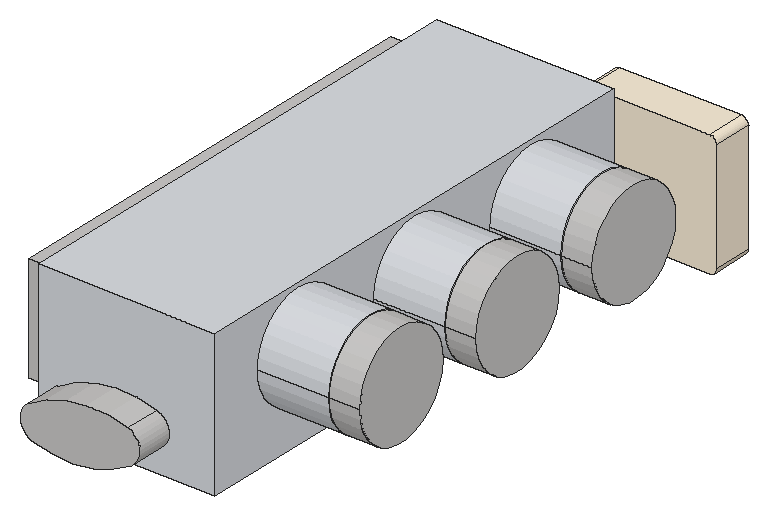
Revit family "HVAC_Ductwork_Airzone_Motorized-Plenum_Fujitsu_Low-Profile_3-Dampers", category Mechanical Equipment, Revit 2016
Family settings
  Part Type = Normal
  Round Connector Dimension = Use Diameter
  OmniClass Number = 23.75.70.14
  OmniClass Title = Air Ductwork
  Work Plane-Based = No
  Always vertical = Yes
  Cut with Voids When Loaded = No
  Shared = No
  Room Calculation Point = No
Parameters (values of type "FUJSL01S3")
  Voltage = 230 V
  URL = "www.airzone.es"
  Type Image Comments = "Image available in product documentation download"  # constant formula
  Revit Model Version = "1.0"  # constant formula
  Revit Model Author URL = "www.a3d.es"
  Revit Model Author = "A3D Consulting"  # constant formula
  Product Documentation Download URL = "http://doc.airzone.es/BIM/Easyzone/Fujitsu-Airzone_motorized_plenum.zip"
  Product Comments = "Refer to technical documentation for further details"  # constant formula
  Power Factor = 1
  Neck Width = 653.600 mm
  Neck Length = 40.000 mm
  Neck Height = 154.600 mm
  Material = Metal - AIRZONE - Galvanized Sheet - Semi-polished
  Main Control Board Material = Plastic - AIRZONE - Smooth - Off-white
  Load Classification = Other
  Insulated Body Width = 255.000 mm  # constant formula
  Insulated Body Material = Metal -AIRZONE - Insulating Lining -Aluminum Finish
  Insulated Body Length = 720.000 mm  # constant formula
  Insulated Body Height = 210.000 mm  # constant formula
  Flow [instance] = Damper 3 Air Flow + Damper 2 Air Flow + Damper 1 Air Flow - Fresh Air Inlet 2 Flow - Fresh Air Inlet 1 Flow  # 900 m³/h
  Fresh Air Inlet 1 Flow [instance] = 0 m³/h
  Fresh Air Inlet 2 Flow [instance] = 0 m³/h
  Fresh Air Inlet Connection Width = 175.000 mm
  Fresh Air Inlet Connection Height = 75.000 mm
  Model = "FUJSL01S3"
  Neck Side Offset = 33.200 mm
  Neck Bottom Offset = 33.700 mm
  Type Image = <None>
  Manufacturer = "AIRZONE"  # constant formula
  Main Control Board Depth = 57.000 mm  # constant formula
  Main Control Board Width = 195.000 mm  # constant formula
  Main Control Board Height = 180.000 mm  # constant formula
  Fixing = ""
  Disclaimer = "All information provided in this model is reviewed before being published. However, Airzone cannot guarantee this model is error-free, therefore users are strongly encouraged to check for technical documentation and updates"  # constant formula
  Description = "Airzone low profile motorized plenum with neck that mechanically adapts to the main ducted AC units of Fujitsu."
  Type Comments = ""
  Dampers Length = 149.000 mm  # constant formula
  Dampers Diameter = 150.000 mm  # constant formula
  Damper 1 Air Flow [instance] = 300 m³/h
  Damper 2 Air Flow [instance] = 300 m³/h
  Damper 3 Air Flow [instance] = 300 m³/h
  Fresh Air Inlet Connection Offset Height = 48.305 mm  # constant formula
  Compatible Accesories = ""
  Apparent Load = 57.5 VA
Reference planes
  plane 1 "Center (Front/Back)": y = 0
  plane 2 "Center (Elevation)": z = 0
  plane 3 "Center (Left/Right)": x = 0
  plane 4 "Neck Back": y = 326.8
  plane 5 "Neck Front": y = -326.8
  plane 6 "Neck Top": z = 77.3
  plane 7 "Neck Bottom": z = -77.3
  plane 8 "Left": x = 40
  plane 9 "Bottom": z = -111
  plane 10 "Top": z = 99
  plane 11 "Front": y = -360
  plane 12 "Back": y = 360
  plane 13 "Right": x = 295
  plane 14 "Dampers Front": x = 444
  plane 15 "Dampers Center (Elevation)": z = 19
  plane 16 "Damper3": y = -210
  plane 17 "Damper2": y = 0
  plane 18 "Damper1": y = 210
  plane 19 "Middle": y = 0
  plane 20 "FreshAir Center (Elevation)": z = -62.695
  plane 21 "FreshAir1": y = 412.5
  plane 22 "FreshAir2": y = -412.5
  plane 23 "Dampers Lining": x = 399
  plane 24 "FreshAir Vertical Axis": x = 142.04
  plane 25 "ConnectionBox Side": x = 249
  plane 26 "Main Control Board Center (Left/Right)": x = 346.5
Forms (mm)
  Extrusion 1, solid, material "Metal - AIRZONE - Galvanized Sheet - Semi-polished" <- "Material"
    sketch origin (0, 0, 0) x (0, 1, 0) y (0, 0, 1)
      loop
        line (-326.8, 77.3) -> (-326.8, -77.3) -> (326.8, -77.3) -> (326.8, 77.3) -> (-326.8, 77.3)
    from 0 to 40
  Extrusion 2, solid, material "Metal -AIRZONE - Insulating Lining -Aluminum Finish" <- "Insulated Body Material"
    sketch origin (40, 0, 0) x (0, 1, 0) y (0, 0, 1)
      loop
        line (-360, 99) -> (-360, -111) -> (360, -111) -> (360, 99) -> (-360, 99)
    from 0 to 255
  Extrusion 3, solid, material "Metal - AIRZONE - Galvanized Sheet - Semi-polished" <- "Material"
    sketch origin (295, 0, 0) x (0, 1, 0) y (0, 0, 1)
      loop
        circle (-210, 19) r 75
    from 104 to 149
  Extrusion 4, solid, material "Metal - AIRZONE - Galvanized Sheet - Semi-polished" <- "Material"
    sketch origin (295, 0, 0) x (0, 1, 0) y (0, 0, 1)
      loop
        circle (0, 19) r 75
    from 104 to 149
  Extrusion 5, solid, material "Metal - AIRZONE - Galvanized Sheet - Semi-polished" <- "Material"
    sketch origin (295, 0, 0) x (0, 1, 0) y (0, 0, 1)
      loop
        circle (210, 19) r 75
    from 104 to 149
  Extrusion 6, solid, material "Metal - AIRZONE - Galvanized Sheet - Semi-polished" <- "Material"
    sketch origin (0, -360, 0) x (0, 0, 1) y (1, 0, 0)
      loop
        arc (-30.141, 211.414) -> (-51.608, 228.315) -> (-76.312, 216.644) r 25.96
        arc (-76.312, 216.644) -> (-102.302, 146.808) -> (-94.849, 72.666) r 164.67
        arc (-94.849, 72.666) -> (-73.665, 55.799) -> (-48.994, 66.961) r 25.96
        arc (-48.994, 66.961) -> (-22.725, 136.99) -> (-30.141, 211.414) r 164.67
    from 0 to -52.5
  Extrusion 7, solid, material "Metal - AIRZONE - Galvanized Sheet - Semi-polished" <- "Material"
    sketch origin (0, 360, 0) x (0, 0, 1) y (1, 0, 0)
      loop
        arc (-30.141, 211.414) -> (-51.325, 228.281) -> (-75.996, 217.119) r 25.96
        arc (-75.996, 217.119) -> (-102.179, 147.74) -> (-95.267, 73.909) r 164.67
        arc (-95.267, 73.909) -> (-74.032, 55.847) -> (-48.678, 67.436) r 25.96
        arc (-48.678, 67.436) -> (-22.688, 137.272) -> (-30.141, 211.414) r 164.67
    from 0 to 52.5
  Extrusion 8, solid, material "Metal -AIRZONE - Insulating Lining -Aluminum Finish" <- "Insulated Body Material"
    sketch origin (295, 0, 0) x (0, 1, 0) y (0, 0, 1)
      loop
        circle (210, 19) r 75
    from 0 to 104
  Extrusion 9, solid, material "Metal -AIRZONE - Insulating Lining -Aluminum Finish" <- "Insulated Body Material"
    sketch origin (295, -260, 0) x (0, 1, 0) y (0, 0, 1)
      loop
        circle (260, 19) r 75
    from 0 to 104
  Extrusion 10, solid, material "Metal -AIRZONE - Insulating Lining -Aluminum Finish" <- "Insulated Body Material"
    sketch origin (295, -520, 0) x (0, 1, 0) y (0, 0, 1)
      loop
        circle (310, 19) r 75
    from 0 to 104
Lines and regions (mm)
  Masking region 1
    outline origin (0, 0, 0) x (1, 0, 0) y (0, 1, 0)
      loop
        line (40, 360) -> (40, -360) -> (295, -360) -> (295, 360) -> (40, 360)
  Masking region 2, detail levels medium+fine
    outline origin (0, 0, 0) x (1, 0, 0) y (0, 1, 0)
      loop
        line (0, 326.8) -> (0, -326.8) -> (40, -326.8) -> (40, 326.8) -> (0, 326.8)
  Masking region 3, detail levels medium+fine
    outline origin (0, 0, 0) x (1, 0, 0) y (0, 1, 0)
      loop
        line (295, -135) -> (295, -285) -> (444, -285) -> (444, -135) -> (295, -135)
  Masking region 4, detail levels medium+fine
    outline origin (0, 260, 0) x (1, 0, 0) y (0, 1, 0)
      loop
        line (295, -185) -> (295, -335) -> (444, -335) -> (444, -185) -> (295, -185)
  Masking region 5, detail levels medium+fine
    outline origin (0, 520, 0) x (1, 0, 0) y (0, 1, 0)
      loop
        line (295, -235) -> (295, -385) -> (444, -385) -> (444, -235) -> (295, -235)
  Masking region 6, detail levels medium+fine
    outline origin (0, 0, -62.695) x (1, 0, 0) y (0, 1, 0)
      loop
        line (54.54, 412.5) -> (54.54, 360) -> (229.54, 360) -> (229.54, 412.5) -> (54.54, 412.5)
  Masking region 7, detail levels medium+fine
    outline origin (0, 0, -62.695) x (1, 0, 0) y (0, 1, 0)
      loop
        line (54.54, -360) -> (54.54, -412.5) -> (229.54, -412.5) -> (229.54, -360) -> (54.54, -360)
  Masking region 8, detail levels medium+fine
    outline origin (0, 0, 99) x (0, -1, 0) y (1, 0, 0)
      loop
        line (-417, 249) -> (-360, 249) -> (-360, 444) -> (-417, 444) -> (-417, 249)
  symbolic lines, detail levels coarse
    curve 1: line (40, -360, 0) -> (295, 0, 0)
    curve 2: line (295, 0, 0) -> (40, 360, 0)
Dimensions and locks
  equal spacing: plane 4 "Neck Back", plane 1 "Center (Front/Back)", plane 5 "Neck Front"
  "Neck Width": plane 4 "Neck Back" to plane 5 "Neck Front"
  equal spacing: plane 6 "Neck Top", level, plane 7 "Neck Bottom"
  "Neck Height": plane 6 "Neck Top" to plane 7 "Neck Bottom"
  "Neck Length": plane 3 "Center (Left/Right)" to plane 8 "Left"
  "Neck Bottom Offset": plane 7 "Neck Bottom" to plane 9 "Bottom"
  "Insulated Body Height": plane 10 "Top" to plane 9 "Bottom"
  "Insulated Body Length": plane 12 "Back" to plane 11 "Front"
  "Insulated Body Width": plane 8 "Left" to plane 13 "Right"
  "Dampers Length": plane 13 "Right" to plane 14 "Dampers Front"
  plane 18 "Damper1" to plane 17 "Damper2" to plane 16 "Damper3" = 210.000 mm locked, 210.000 mm locked
  equal spacing: plane 12 "Back", plane 19 "Middle", plane 11 "Front"
  plane 8 "Left" to plane 13 "Right" = 255.000 mm
  "Fresh Air Inlet Connection Offset Height": plane 20 "FreshAir Center (Elevation)" to plane 9 "Bottom"
  locked: Extrusion 6 sketch curve to plane 9 "Bottom" at 56.47
  locked: Extrusion 6 sketch curve to plane 8 "Left" at 162.52
  locked: Extrusion 6 sketch curve to plane 8 "Left" at 41.56
  locked: Extrusion 6 sketch curve to plane 9 "Bottom" at 40.54
  locked: Extrusion 6 sketch curve to plane 8 "Left" at 118.3
  locked: plane 9 "Bottom" to Extrusion 6 sketch curve at 75.01
  locked: Extrusion 6 sketch curve to plane 8 "Left" at 85.78
  locked: Extrusion 6 sketch curve to plane 9 "Bottom" at 172.02
  locked: Extrusion 7 sketch curve to plane 8 "Left" at 162.52
  locked: Extrusion 7 sketch curve to plane 9 "Bottom" at 56.47
  locked: Extrusion 7 sketch curve to plane 9 "Bottom" at 40.54
  locked: Extrusion 7 sketch curve to plane 8 "Left" at 41.56
  locked: Extrusion 7 sketch curve to plane 8 "Left" at 85.78
  locked: Extrusion 7 sketch curve to plane 9 "Bottom" at 172.02
  locked: plane 9 "Bottom" to Extrusion 7 sketch curve at 75.01
  locked: Extrusion 7 sketch curve to plane 8 "Left" at 118.3
  "Neck Side Offset": plane 12 "Back" to plane 4 "Neck Back"
  equal spacing: plane 12 "Back", plane 17 "Damper2", plane 11 "Front"
  locked: plane 21 "FreshAir1" to plane 12 "Back" at 52.5
  plane 11 "Front" to plane 22 "FreshAir2" = 52.500 mm
  locked: connector elem to plane 24 "FreshAir Vertical Axis"  (x2)
  locked: plane 20 "FreshAir Center (Elevation)" to connector elem at 0
  locked: connector elem to plane 20 "FreshAir Center (Elevation)"
  locked: plane 23 "Dampers Lining" to plane 14 "Dampers Front" at 45
  locked: plane 8 "Left" to plane 24 "FreshAir Vertical Axis" at 102.04
  equal spacing: Masking region 3 sketch curve, plane 16 "Damper3", Masking region 3 sketch curve
  "Dampers Diameter": Masking region 3 sketch curve to Masking region 3 sketch curve
  equal spacing: Masking region 4 sketch curve, plane 17 "Damper2", Masking region 4 sketch curve
  "Dampers Diameter": Masking region 4 sketch curve to Masking region 4 sketch curve
  equal spacing: Masking region 5 sketch curve, plane 18 "Damper1", Masking region 5 sketch curve
  "Dampers Diameter": Masking region 5 sketch curve to Masking region 5 sketch curve
  equal spacing: Masking region 6 sketch curve, plane 24 "FreshAir Vertical Axis", Masking region 6 sketch curve
  "Fresh Air Inlet Connection Width": Masking region 6 sketch curve to Masking region 6 sketch curve
  equal spacing: Masking region 7 sketch curve, plane 24 "FreshAir Vertical Axis", Masking region 7 sketch curve
  "Fresh Air Inlet Connection Width": Masking region 7 sketch curve to Masking region 7 sketch curve
  "Main Control Board Depth": Masking region 8 sketch curve to plane 12 "Back"
  "Main Control Board Width": plane 25 "ConnectionBox Side" to plane 14 "Dampers Front"
  equal spacing: plane 25 "ConnectionBox Side", plane 26 "Main Control Board Center (Left/Right)", plane 14 "Dampers Front"
  locked: nested 1 to plane 10 "Top" at 10
  locked: plane 10 "Top" to plane 15 "Dampers Center (Elevation)" at 80
  "Dampers Diameter": diameter of Extrusion 3 sketch curve
  "Dampers Diameter": diameter of Extrusion 4 sketch curve
  "Dampers Diameter": diameter of Extrusion 5 sketch curve
  radius of Extrusion 7 sketch curve = 164.670 mm  (x2)
  radius of Extrusion 7 sketch curve = 25.960 mm  (x2)
  radius of Extrusion 6 sketch curve = 164.670 mm  (x2)
  radius of Extrusion 6 sketch curve = 25.960 mm  (x2)
  "Dampers Diameter": diameter of Extrusion 8 sketch curve
  "Dampers Diameter": diameter of Extrusion 9 sketch curve
  "Dampers Diameter": diameter of Extrusion 10 sketch curve
  aligned and locked: level to plane 2 "Center (Elevation)"
  aligned and locked: plane 5 "Neck Front" to Extrusion 1 sketch curve
  aligned and locked: Extrusion 1 sketch curve to plane 6 "Neck Top"
  aligned and locked: Extrusion 1 sketch curve to plane 4 "Neck Back"
  aligned and locked: plane 7 "Neck Bottom" to Extrusion 1 sketch curve
  aligned and locked: Extrusion 1 to plane 3 "Center (Left/Right)"
  aligned and locked: Extrusion 2 sketch curve to plane 10 "Top"
  aligned and locked: Extrusion 2 sketch curve to plane 12 "Back"
  aligned and locked: plane 9 "Bottom" to Extrusion 2 sketch curve
  aligned and locked: plane 11 "Front" to Extrusion 2 sketch curve
  aligned and locked: plane 13 "Right" to Extrusion 2
  aligned and locked: Extrusion 2 to plane 8 "Left"
  aligned and locked: plane 16 "Damper3" to Extrusion 3 sketch curve
  aligned and locked: plane 15 "Dampers Center (Elevation)" to Extrusion 3 sketch curve
  aligned and locked: plane 17 "Damper2" to Extrusion 4 sketch curve
  aligned and locked: plane 15 "Dampers Center (Elevation)" to Extrusion 4 sketch curve
  aligned and locked: plane 18 "Damper1" to Extrusion 5 sketch curve
  aligned and locked: plane 15 "Dampers Center (Elevation)" to Extrusion 5 sketch curve
  aligned and locked: plane 14 "Dampers Front" to Extrusion 5
  aligned and locked: plane 14 "Dampers Front" to Extrusion 4
  aligned and locked: plane 14 "Dampers Front" to Extrusion 3
  aligned and locked: plane 8 "Left" to Extrusion 1
  aligned and locked: plane 22 "FreshAir2" to Extrusion 6
  aligned and locked: plane 21 "FreshAir1" to Extrusion 7
  aligned and locked: Extrusion 7 to plane 12 "Back"
  aligned and locked: plane 11 "Front" to Extrusion 6
  aligned and locked: Extrusion 5 to plane 23 "Dampers Lining"
  aligned and locked: Extrusion 5 to Extrusion 4
  aligned and locked: Extrusion 4 to Extrusion 3
  aligned and locked: plane 23 "Dampers Lining" to Extrusion 8
  aligned and locked: Extrusion 10 to plane 13 "Right"
  aligned and locked: plane 23 "Dampers Lining" to Extrusion 10
  aligned and locked: Extrusion 9 to plane 13 "Right"
  aligned and locked: plane 23 "Dampers Lining" to Extrusion 9
  aligned and locked: Extrusion 8 to plane 13 "Right"
  aligned and locked: Extrusion 9 to Extrusion 8
  aligned and locked: plane 18 "Damper1" to Extrusion 8 sketch curve
  aligned and locked: plane 15 "Dampers Center (Elevation)" to Extrusion 8 sketch curve
  aligned and locked: plane 17 "Damper2" to Extrusion 9 sketch curve
  aligned and locked: plane 15 "Dampers Center (Elevation)" to Extrusion 9 sketch curve
  aligned and locked: plane 16 "Damper3" to Extrusion 10 sketch curve
  aligned and locked: plane 15 "Dampers Center (Elevation)" to Extrusion 10 sketch curve
  aligned and locked: Masking region 1 sketch curve to plane 12 "Back"
  aligned and locked: plane 8 "Left" to Masking region 1 sketch curve
  aligned and locked: Masking region 1 sketch curve to plane 13 "Right"
  aligned and locked: plane 11 "Front" to Masking region 1 sketch curve
  aligned and locked: plane 5 "Neck Front" to Masking region 2 sketch curve
  aligned and locked: plane 3 "Center (Left/Right)" to Masking region 2 sketch curve
  aligned and locked: Masking region 2 sketch curve to plane 4 "Neck Back"
  aligned and locked: Masking region 2 sketch curve to plane 8 "Left"
  aligned and locked: plane 13 "Right" to Masking region 3 sketch curve
  aligned and locked: Masking region 3 sketch curve to plane 14 "Dampers Front"
  aligned and locked: plane 13 "Right" to Masking region 4 sketch curve
  aligned and locked: Masking region 4 sketch curve to plane 14 "Dampers Front"
  aligned and locked: plane 13 "Right" to Masking region 5 sketch curve
  aligned and locked: Masking region 5 sketch curve to plane 14 "Dampers Front"
  aligned and locked: plane 12 "Back" to Masking region 6 sketch curve
  aligned and locked: Masking region 6 sketch curve to plane 21 "FreshAir1"
  aligned and locked: Masking region 7 sketch curve to plane 11 "Front"
  aligned and locked: Masking region 7 sketch curve to plane 22 "FreshAir2"
  aligned and locked: plane 12 "Back" to Masking region 8 sketch curve
  aligned and locked: Masking region 8 sketch curve to plane 14 "Dampers Front"
  aligned and locked: plane 25 "ConnectionBox Side" to Masking region 8 sketch curve
  aligned and locked: nested 1 to plane 26 "Main Control Board Center (Left/Right)"
Automatic sketch dimensions
  curve 2 to plane 8 "Left" = 0.000 mm
  curve 1 to plane 8 "Left" = 0.000 mm
  curve 1 to plane 13 "Right" = 0.000 mm
  curve 1 to plane 11 "Front" = 0.000 mm
  curve 2 to plane 17 "Damper2" = 0.000 mm
  curve 2 to plane 12 "Back" = 0.000 mm
Nested families
  nested 1: "Airzone_Main-Control-Board" at (346.5, 360, -1) x (-1, 0, 0) z (0, 1, 0), Extrusion <- "Main Control Board Depth", Height <- "Main Control Board Height", Width <- "Main Control Board Width", Material <- "Main Control Board Material", type "Standard"
    with Width 195.000 mm, Material Plastic - AIRZONE - Smooth - Off-white, Height 180.000 mm, Extrusion 57.000 mm
Connectors
  hvac at (444, -210, 19), driven by "Damper 3 Air Flow", driven by "Dampers Diameter"
    settings: on Extrusion 3, index 1, duct flow 300 m³/h, flow factor 0, pres drop 0.0 Pa, loss coef 0, conn angle 0.00°, conn width 304.8 mm, conn height 304.8 mm, conn diameter 150 mm, duct sys type 1, conn prof type 0, flow config 0, flow direction 2, loss method 0, conn ref index -1, conn util no, is conn primary no, conn desc "Supply Air Out 3"
  hvac at (444, 0, 19), driven by "Damper 2 Air Flow", driven by "Dampers Diameter"
    settings: on Extrusion 4, index 2, duct flow 300 m³/h, flow factor 0, pres drop 0.0 Pa, loss coef 0, conn angle 0.00°, conn width 304.8 mm, conn height 304.8 mm, conn diameter 150 mm, duct sys type 1, conn prof type 0, flow config 0, flow direction 2, loss method 0, conn ref index -1, conn util no, is conn primary no, conn desc "Supply Air Out 2"
  hvac at (444, 210, 19), driven by "Damper 1 Air Flow", driven by "Dampers Diameter"
    settings: on Extrusion 5, index 3, duct flow 300 m³/h, flow factor 0, pres drop 0.0 Pa, loss coef 0, conn angle 0.00°, conn width 304.8 mm, conn height 304.8 mm, conn diameter 150 mm, duct sys type 1, conn prof type 0, flow config 0, flow direction 2, loss method 0, conn ref index -1, conn util no, is conn primary no, conn desc "Supply Air Out 1"
  hvac at (0, 0, 0), driven by "Flow", driven by "Neck Height", driven by "Neck Width"
    settings: on Extrusion 1, index 6, duct flow 900 m³/h, flow factor 0, pres drop 0.0 Pa, loss coef 0, conn angle 0.00°, conn width 653.6 mm, conn height 154.6 mm, conn diameter 609.6 mm, duct sys type 1, conn prof type 1, flow config 1, flow direction 1, loss method 0, conn ref index -1, conn util no, is conn primary yes, conn desc "Supply Air In"
  hvac at (142.04, -412.5, -62.695), driven by "Fresh Air Inlet 2 Flow", driven by "Fresh Air Inlet Connection Width", driven by "Fresh Air Inlet Connection Height"
    settings: index 7, duct flow 0 m³/h, flow factor 0, pres drop 0.0 Pa, loss coef 0, conn angle 0.00°, conn width 175 mm, conn height 75 mm, conn diameter 609.6 mm, duct sys type 1, conn prof type 2, flow config 1, flow direction 1, loss method 0, conn ref index -1, conn util no, is conn primary no, conn desc "Fresh Air In 2"
  hvac at (142.04, 412.5, -62.695), driven by "Fresh Air Inlet 1 Flow", driven by "Fresh Air Inlet Connection Height", driven by "Fresh Air Inlet Connection Width"
    settings: index 8, duct flow 0 m³/h, flow factor 0, pres drop 0.0 Pa, loss coef 0, conn angle 0.00°, conn width 175 mm, conn height 75 mm, conn diameter 609.6 mm, duct sys type 1, conn prof type 2, flow config 1, flow direction 1, loss method 0, conn ref index -1, conn util no, is conn primary no, conn desc "Fresh Air In 1"
  electrical at (346.5, 417, -1), driven by "Load Classification", driven by "Voltage", driven by "Apparent Load", driven by "Power Factor"
    settings: on nested 1, index 9, voltage 230 V, apparent load 57.5 VA, apparent load phase1 0 VA, apparent load phase2 0 VA, apparent load phase3 0 VA, power factor 1, load classification "Other", number of poles 1, system type 30, power factor state 1, is connector primary yes, connector utility no, sub classification motor no, connector description "Power Supply"
Definition of nested family "Airzone_Main-Control-Board"
  Parameters (values of type "Standard")
    Width [instance] = 195.000 mm
    URL = "www.airzone.es"
    Revit Model Version = "1.0"  # constant formula
    Revit Model Author URL = "www.a3d.es"
    Revit Model Author = "A3D Consulting"  # constant formula
    Material [instance] = none
    Manufacturer = "AIRZONE"  # constant formula
    Height [instance] = 180.000 mm
    Extrusion [instance] = 57.000 mm
    Default Elevation = 0.000 mm
  Reference planes
    plane 1 "Center (Front/Back)": y = 0
    plane 2: z = 0
    plane 3 "Center (Left/Right)": x = 0
    plane 4: y = 90
    plane 5: y = -90
    plane 6: x = 97.5
    plane 7: x = -97.5
  Forms (mm)
    Extrusion 1, solid, material <- "Material"
      sketch origin (0, 0, 0) x (1, 0, 0) y (0, 1, 0)
        loop
          arc (-87.5, 90) -> (-94.571, 87.071) -> (-97.5, 80) r 10
          line (-97.5, 80) -> (-97.5, -80)
          arc (-97.5, -80) -> (-94.571, -87.071) -> (-87.5, -90) r 10
          line (-87.5, -90) -> (87.5, -90)
          arc (87.5, -90) -> (94.571, -87.071) -> (97.5, -80) r 10
          line (97.5, -80) -> (97.5, 80)
          arc (97.5, 80) -> (94.571, 87.071) -> (87.5, 90) r 10
          line (87.5, 90) -> (-87.5, 90)
      from 0 to 57 <- "Extrusion"
  Dimensions and locks
    equal spacing: plane 7, plane 3 "Center (Left/Right)", plane 6
    equal spacing: plane 4, plane 1 "Center (Front/Back)", plane 5
    "Width": plane 7 to plane 6
    "Height": plane 4 to plane 5
    radius of Extrusion 1 sketch curve = 10.000 mm  (x4)
    aligned and locked: level to plane 2
    aligned and locked: plane 5 to Extrusion 1 sketch curve
    aligned and locked: Extrusion 1 sketch curve to plane 6
    aligned and locked: Extrusion 1 sketch curve to plane 4
    aligned and locked: plane 7 to Extrusion 1 sketch curve
